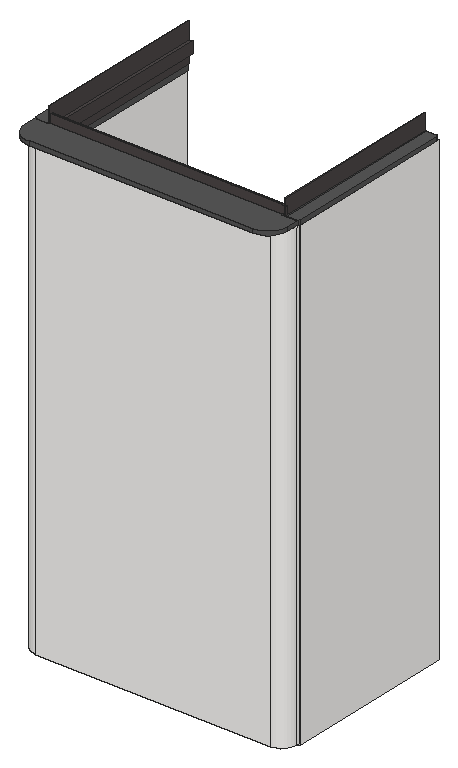
Revit family "vanity unit for handrinse basin, door hinge", category Furniture, Revit 2019 (continued)
Definition of nested family "vanity unit 340_245 for handrinse basin, door hinge left-54011700-high gloss white-matt_white-200_content"
  Forms (mm)
    Extrusion 5, solid, visible <- "ContentVisible", detail levels medium+fine
      sketch origin (0, 0, 600) x (1, 0, 0) y (0, 1, 0)
        loop
          line (-170, 0) -> (-170, -225) -> (-154, -225) -> (-154, 0) -> (-170, 0)
      from 0 to 5
    Extrusion 6, solid, visible <- "ContentVisible", detail levels medium+fine
      sketch origin (0, 0, 600) x (1, 0, 0) y (0, 1, 0)
        loop
          line (154, 0) -> (154, -225) -> (170, -225) -> (170, 0) -> (154, 0)
      from 0 to 5
    Extrusion 7, solid, visible <- "ContentVisible", detail levels medium+fine
      sketch origin (0, 0, 0) x (1, 0, 0) y (0, 0, -1)
        loop
          line (-152.5, -575.3) -> (-152.5, -624.5) -> (-146.4, -624.5) -> (-146.4, -575.3) -> (-152.5, -575.3)
      from -223.5 to 0
    Extrusion 8, solid, visible <- "ContentVisible", detail levels medium+fine
      sketch origin (0, 0, 0) x (1, 0, 0) y (0, 0, -1)
        loop
          line (146.4, -575.3) -> (146.4, -624.5) -> (152.5, -624.5) -> (152.5, -575.3) -> (146.4, -575.3)
      from -223.5 to 0
    Extrusion 9, solid, visible <- "ContentVisible", detail levels medium+fine
      sketch origin (0, 0, 0) x (0, 0, -1) y (0, 1, 0)
        loop
          line (-616, -223.5) -> (-567, -223.5) -> (-567, -217.4) -> (-616, -217.4) -> (-616, -223.5)
      from -152.5 to 152.5
    Extrusion 10, solid, visible <- "ContentVisible", detail levels coarse
      sketch origin (0, -133, 0) x (1, 0, 0) y (0, 1, 0)
        loop
          line (-170, -133) -> (170, -133) -> (170, 133) -> (-170, 133) -> (-170, -133)
      from 0 to 624.5
  Dimensions and locks
    aligned and locked: level to plane 2
Definition of nested family "vanity unit 340_245 for handrinse basin, door hinge left-54011700-high gloss white-matt_white-400_content"
  Parameters (values of type "Vanity unit 340_245 for handrinse basin, door hinge left-54011700-High Gloss White-MATT_WHITE-400_Content")
    etim7_EC011381 = "EC011381"
    WEIGHT = "9.9"
    UNSPSC = "56 | Furniture and Furnishings"
    UNIFORMATII = "E2010 | Fixed Furnishings"
    UNICLASS_2015_CODE = "40_30_78_05"
    UNICLASS2015 = "Pr_40_30_78_05 | Bathroom furniture"
    SURFACE = "MATT_WHITE"
    REGIONSET = "Worldwide"
    PRODUCTURL = "https://pro.hansgrohe.com/articledetail--54011000"
    PRODUCTGROUP = "vanity unit"
    PRODUCTFAMILY = "Xelu Q"
    PERMALINK = "54011XXX"
    OMNICLASS = "23-21 19 15 33 13 | Residential Bathroom Specialty Casework"
    OBJECTTYPE = "Object (single object)"
    OBERFLAECHE = "High Gloss White"
    NN = "Vanity Unit for handrinse basin, door hinge"
    NBSYN = "$BASENUMBER.-$ARTNR.-$OBERFLAECHE.-$SURFACE.-$LODLEVEL."
    NB = "Vanity unit 340/245 for handrinse basin, door hinge left-54011700-High Gloss White-MATT_WHITE-400"
    NAME = "Xelu Q Vanity unit High Gloss White 340/245 for handrinse basin, door hinge left"
    Model = "Vanity unit 340/245 for handrinse basin, door hinge left-54011700-High Gloss White-MATT_WHITE-400"
    Manufacturer = "Hansgrohe"
    MASTERFORMAT = "12 35 30.23 | Bathroom Casework"
    LODLEVEL = "400"
    LINA = "Vanity unit 340/245 for handrinse basin, door hinge left-54011700-High Gloss White-MATT_WHITE-400"
    L = 340
    IFC = "Furnishing element"
    GTINCODE = "4059625455135"
    ETIM = "EC011381 | Bathroom furniture set"
    Default Elevation = 1219.2 mm
    DESIGN = "Germany"
    ContentVisible [instance] = yes
    CATALOG = "Hansgrohe"
    BIMOBJECT = "Sanitary: Compound units"
    BASENUMBER = "Vanity unit 340/245 for handrinse basin, door hinge left"
    ARTNR = "54011700"
  Reference planes
    plane 1 "Center (Front/Back)": y = 0
    plane 2: z = 0
    plane 3 "Center (Left/Right)": x = 0
  Forms (mm)
    Extrusion 1, solid, visible <- "ContentVisible", detail levels medium+fine
      sketch origin (0, 0, 0) x (1, 0, 0) y (0, 1, 0)
        loop
          line (-170, 0) -> (-170, -222)
          arc (-170, -222) -> (-169.121, -224.121) -> (-167, -225) r 3
          line (-167, -225) -> (-154, -225) -> (-154, 0) -> (-170, 0)
      from 0 to 600
    Extrusion 2, solid, visible <- "ContentVisible", detail levels medium+fine
      sketch origin (0, 0, 2) x (1, 0, 0) y (0, 1, 0)
        loop
          line (-154, -88) -> (-154, -225) -> (154, -225) -> (154, -88) -> (-154, -88)
      from 0 to 16
    Extrusion 3, solid, visible <- "ContentVisible", detail levels medium+fine
      sketch origin (0, 0, 0) x (1, 0, 0) y (0, 1, 0)
        loop
          line (154, 0) -> (154, -225) -> (167, -225)
          arc (167, -225) -> (169.121, -224.121) -> (170, -222) r 3
          line (170, -222) -> (170, 0) -> (154, 0)
      from 0 to 600
    Extrusion 4, solid, visible <- "ContentVisible", detail levels medium+fine
      sketch origin (0, 0, 2) x (1, 0, 0) y (0, 1, 0)
        loop
          line (-154, -72) -> (-154, -88) -> (154, -88) -> (154, -72) -> (-154, -72)
      from 0 to 126
    Extrusion 5, solid, visible <- "ContentVisible", detail levels medium+fine
      sketch origin (0, 0, 2) x (1, 0, 0) y (0, 1, 0)
        loop
          arc (-170, -227) -> (-164.435, -240.435) -> (-151, -246) r 19
          line (-151, -246) -> (151, -246)
          arc (151, -246) -> (164.435, -240.435) -> (170, -227) r 19
          line (170, -227) -> (170, -225) -> (-170, -225) -> (-170, -227)
      from 0 to 598
    Extrusion 6, solid, visible <- "ContentVisible", detail levels medium+fine
      sketch origin (0, 0, 600) x (1, 0, 0) y (0, 1, 0)
        loop
          line (-168.5, -225) -> (-168.5, -241)
          arc (-168.5, -241) -> (-161.178, -258.678) -> (-143.5, -266) r 25
          line (-143.5, -266) -> (143.5, -266)
          arc (143.5, -266) -> (161.178, -258.678) -> (168.5, -241) r 25
          line (168.5, -241) -> (168.5, -225) -> (148.5, -225) -> (148.5, -223.5) -> (-148.5, -223.5) -> (-148.5, -225) -> (-168.5, -225)
      from 0 to 5
    Extrusion 7, solid, visible <- "ContentVisible", detail levels medium+fine
      sketch origin (0, 0, 0) x (0, 0, -1) y (0, 1, 0)
        loop
          line (-600, -223.5) -> (-600, -225) -> (-570, -225) -> (-570, -223.5) -> (-600, -223.5)
      from -148.5 to 148.5
    Extrusion 8, solid, visible <- "ContentVisible", detail levels medium+fine
      sketch origin (0, 0, 0) x (1, 0, 0) y (0, 0, -1)
        loop
          line (-154, -566.8) -> (-154, -605) -> (-152.5, -605) -> (-152.5, -566.8) -> (-154, -566.8)
      from -225 to 0
    Extrusion 9, solid, visible <- "ContentVisible", detail levels medium+fine
      sketch origin (0, 0, 0) x (1, 0, 0) y (0, 0, -1)
        loop
          line (152.5, -566.8) -> (152.5, -605) -> (154, -605) -> (154, -566.8) -> (152.5, -566.8)
      from -225 to 0
    Extrusion 10, solid, visible <- "ContentVisible", detail levels medium+fine
      sketch origin (0, 0, 600) x (1, 0, 0) y (0, 1, 0)
        loop
          line (-170, -3) -> (-170, -222)
          arc (-170, -222) -> (-169.121, -224.121) -> (-167, -225) r 3
          line (-167, -225) -> (-154, -225) -> (-154, 0) -> (-167, 0)
          arc (-167, 0) -> (-169.121, -0.879) -> (-170, -3) r 3
      from 0 to 5
    Extrusion 11, solid, visible <- "ContentVisible", detail levels medium+fine
      sketch origin (0, 0, 600) x (1, 0, 0) y (0, 1, 0)
        loop
          line (154, 0) -> (154, -225) -> (167, -225)
          arc (167, -225) -> (169.121, -224.121) -> (170, -222) r 3
          line (170, -222) -> (170, -3)
          arc (170, -3) -> (169.121, -0.879) -> (167, 0) r 3
          line (167, 0) -> (154, 0)
      from 0 to 5
    Extrusion 12, solid, visible <- "ContentVisible", detail levels medium+fine
      sketch origin (0, 0, 0) x (1, 0, 0) y (0, 0, -1)
        loop
          line (-152.5, -575.3) -> (-152.5, -624.5) -> (-151, -624.5) -> (-151, -602.8) -> (-146.4, -602.8) -> (-146.4, -588.3) -> (-151, -588.3) -> (-151, -575.3) -> (-152.5, -575.3)
      from -223.5 to 0
    Extrusion 13, solid, visible <- "ContentVisible", detail levels medium+fine
      sketch origin (0, 0, 0) x (1, 0, 0) y (0, 0, -1)
        loop
          line (146.4, -588.3) -> (146.4, -602.8) -> (151, -602.8) -> (151, -624.5) -> (152.5, -624.5) -> (152.5, -575.3) -> (151, -575.3) -> (151, -588.3) -> (146.4, -588.3)
      from -223.5 to 0
    Extrusion 14, solid, visible <- "ContentVisible", detail levels medium+fine
      sketch origin (0, 0, 0) x (0, 0, -1) y (0, 1, 0)
        loop
          line (-616, -223.5) -> (-567, -223.5) -> (-567, -222) -> (-588.5, -222) -> (-588.5, -217.4) -> (-603, -217.4) -> (-603, -222) -> (-616, -222) -> (-616, -223.5)
      from -152.5 to 152.5
    Extrusion 15, solid, visible <- "ContentVisible", detail levels coarse
      sketch origin (0, -133, 0) x (1, 0, 0) y (0, 1, 0)
        loop
          line (-170, -133) -> (170, -133) -> (170, 133) -> (-170, 133) -> (-170, -133)
      from 0 to 624.5
  Dimensions and locks
    aligned and locked: level to plane 2
Definition of nested family "vanity unit 340_245 for handrinse basin, door hinge left-54012000-diamond matt grey-chrome-200_content"
  Parameters (values of type "Vanity unit 340_245 for handrinse basin, door hinge left-54012000-Diamond Matt Grey-CHROME-200_Content")
    etim7_EC011381 = "EC011381"
    WEIGHT = "9.9"
    UNSPSC = "56 | Furniture and Furnishings"
    UNIFORMATII = "E2010 | Fixed Furnishings"
    UNICLASS_2015_CODE = "40_30_78_05"
    UNICLASS2015 = "Pr_40_30_78_05 | Bathroom furniture"
    SURFACE = "CHROME"
    REGIONSET = "Worldwide"
    PRODUCTURL = "https://pro.hansgrohe.com/articledetail--54012000"
    PRODUCTGROUP = "vanity unit"
    PRODUCTFAMILY = "Xelu Q"
    PERMALINK = "54012XXX"
    OMNICLASS = "23-21 19 15 33 13 | Residential Bathroom Specialty Casework"
    OBJECTTYPE = "Object (single object)"
    OBERFLAECHE = "Diamond Matt Grey"
    NN = "Vanity Unit for handrinse basin, door hinge"
    NBSYN = "$BASENUMBER.-$ARTNR.-$OBERFLAECHE.-$SURFACE.-$LODLEVEL."
    NB = "Vanity unit 340/245 for handrinse basin, door hinge left-54012000-Diamond Matt Grey-CHROME-200"
    NAME = "Xelu Q Vanity unit Diamond Matt Grey 340/245 for handrinse basin, door hinge left"
    Model = "Vanity unit 340/245 for handrinse basin, door hinge left-54012000-Diamond Matt Grey-CHROME-200"
    Manufacturer = "Hansgrohe"
    MASTERFORMAT = "12 35 30.23 | Bathroom Casework"
    LODLEVEL = "200"
    LINA = "Vanity unit 340/245 for handrinse basin, door hinge left-54012000-Diamond Matt Grey-CHROME-200"
    L = 340
    IFC = "Furnishing element"
    GTINCODE = "4059625455104"
    ETIM = "EC011381 | Bathroom furniture set"
    Default Elevation = 1219.2 mm
    DESIGN = "Germany"
    ContentVisible [instance] = yes
    CATALOG = "Hansgrohe"
    BIMOBJECT = "Sanitary: Compound units"
    BASENUMBER = "Vanity unit 340/245 for handrinse basin, door hinge left"
    ARTNR = "54012000"
  Reference planes
    plane 1 "Center (Front/Back)": y = 0
    plane 2: z = 0
    plane 3 "Center (Left/Right)": x = 0
  Forms (mm)
    Extrusion 1, solid, visible <- "ContentVisible", detail levels medium+fine
      sketch origin (0, 0, 0) x (1, 0, 0) y (0, 1, 0)
        loop
          line (-170, 0) -> (-170, -246) -> (170, -246) -> (170, 0) -> (154, 0) -> (154, -72) -> (-154, -72) -> (-154, 0) -> (-170, 0)
      from 0 to 600
    Extrusion 2, solid, visible <- "ContentVisible", detail levels medium+fine
      sketch origin (0, 0, 600) x (1, 0, 0) y (0, 1, 0)
        loop
          line (-168.5, -223.5) -> (-168.5, -266) -> (168.5, -266) -> (168.5, -223.5) -> (-168.5, -223.5)
      from 0 to 5
    Extrusion 3, solid, visible <- "ContentVisible", detail levels medium+fine
      sketch origin (0, 0, 0) x (1, 0, 0) y (0, 0, -1)
        loop
          line (-154, -566.8) -> (-154, -605) -> (-152.5, -605) -> (-152.5, -566.8) -> (-154, -566.8)
      from -225 to 0
    Extrusion 4, solid, visible <- "ContentVisible", detail levels medium+fine
      sketch origin (0, 0, 0) x (1, 0, 0) y (0, 0, -1)
        loop
          line (152.5, -566.8) -> (152.5, -605) -> (154, -605) -> (154, -566.8) -> (152.5, -566.8)
      from -225 to 0
    Extrusion 5, solid, visible <- "ContentVisible", detail levels medium+fine
      sketch origin (0, 0, 600) x (1, 0, 0) y (0, 1, 0)
        loop
          line (-170, 0) -> (-170, -225) -> (-154, -225) -> (-154, 0) -> (-170, 0)
      from 0 to 5
    Extrusion 6, solid, visible <- "ContentVisible", detail levels medium+fine
      sketch origin (0, 0, 600) x (1, 0, 0) y (0, 1, 0)
        loop
          line (154, 0) -> (154, -225) -> (170, -225) -> (170, 0) -> (154, 0)
      from 0 to 5
    Extrusion 7, solid, visible <- "ContentVisible", detail levels medium+fine
      sketch origin (0, 0, 0) x (1, 0, 0) y (0, 0, -1)
        loop
          line (-152.5, -575.3) -> (-152.5, -624.5) -> (-146.4, -624.5) -> (-146.4, -575.3) -> (-152.5, -575.3)
      from -223.5 to 0
    Extrusion 8, solid, visible <- "ContentVisible", detail levels medium+fine
      sketch origin (0, 0, 0) x (1, 0, 0) y (0, 0, -1)
        loop
          line (146.4, -575.3) -> (146.4, -624.5) -> (152.5, -624.5) -> (152.5, -575.3) -> (146.4, -575.3)
      from -223.5 to 0
    Extrusion 9, solid, visible <- "ContentVisible", detail levels medium+fine
      sketch origin (0, 0, 0) x (0, 0, -1) y (0, 1, 0)
        loop
          line (-616, -223.5) -> (-567, -223.5) -> (-567, -217.4) -> (-616, -217.4) -> (-616, -223.5)
      from -152.5 to 152.5
    Extrusion 10, solid, visible <- "ContentVisible", detail levels coarse
      sketch origin (0, -133, 0) x (1, 0, 0) y (0, 1, 0)
        loop
          line (-170, -133) -> (170, -133) -> (170, 133) -> (-170, 133) -> (-170, -133)
      from 0 to 624.5
  Dimensions and locks
    aligned and locked: level to plane 2
Definition of nested family "vanity unit 340_245 for handrinse basin, door hinge left-54012000-diamond matt grey-chrome-400_content"
  Parameters (values of type "Vanity unit 340_245 for handrinse basin, door hinge left-54012000-Diamond Matt Grey-CHROME-400_Content")
    etim7_EC011381 = "EC011381"
    WEIGHT = "9.9"
    UNSPSC = "56 | Furniture and Furnishings"
    UNIFORMATII = "E2010 | Fixed Furnishings"
    UNICLASS_2015_CODE = "40_30_78_05"
    UNICLASS2015 = "Pr_40_30_78_05 | Bathroom furniture"
    SURFACE = "CHROME"
    REGIONSET = "Worldwide"
    PRODUCTURL = "https://pro.hansgrohe.com/articledetail--54012000"
    PRODUCTGROUP = "vanity unit"
    PRODUCTFAMILY = "Xelu Q"
    PERMALINK = "54012XXX"
    OMNICLASS = "23-21 19 15 33 13 | Residential Bathroom Specialty Casework"
    OBJECTTYPE = "Object (single object)"
    OBERFLAECHE = "Diamond Matt Grey"
    NN = "Vanity Unit for handrinse basin, door hinge"
    NBSYN = "$BASENUMBER.-$ARTNR.-$OBERFLAECHE.-$SURFACE.-$LODLEVEL."
    NB = "Vanity unit 340/245 for handrinse basin, door hinge left-54012000-Diamond Matt Grey-CHROME-400"
    NAME = "Xelu Q Vanity unit Diamond Matt Grey 340/245 for handrinse basin, door hinge left"
    Model = "Vanity unit 340/245 for handrinse basin, door hinge left-54012000-Diamond Matt Grey-CHROME-400"
    Manufacturer = "Hansgrohe"
    MASTERFORMAT = "12 35 30.23 | Bathroom Casework"
    LODLEVEL = "400"
    LINA = "Vanity unit 340/245 for handrinse basin, door hinge left-54012000-Diamond Matt Grey-CHROME-400"
    L = 340
    IFC = "Furnishing element"
    GTINCODE = "4059625455104"
    ETIM = "EC011381 | Bathroom furniture set"
    Default Elevation = 1219.2 mm
    DESIGN = "Germany"
    ContentVisible [instance] = yes
    CATALOG = "Hansgrohe"
    BIMOBJECT = "Sanitary: Compound units"
    BASENUMBER = "Vanity unit 340/245 for handrinse basin, door hinge left"
    ARTNR = "54012000"
  Reference planes
    plane 1 "Center (Front/Back)": y = 0
    plane 2: z = 0
    plane 3 "Center (Left/Right)": x = 0
  Forms (mm)
    Extrusion 1, solid, visible <- "ContentVisible", detail levels medium+fine
      sketch origin (0, 0, 0) x (1, 0, 0) y (0, 1, 0)
        loop
          line (-170, 0) -> (-170, -222)
          arc (-170, -222) -> (-169.121, -224.121) -> (-167, -225) r 3
          line (-167, -225) -> (-154, -225) -> (-154, 0) -> (-170, 0)
      from 0 to 600
    Extrusion 2, solid, visible <- "ContentVisible", detail levels medium+fine
      sketch origin (0, 0, 2) x (1, 0, 0) y (0, 1, 0)
        loop
          line (-154, -88) -> (-154, -225) -> (154, -225) -> (154, -88) -> (-154, -88)
      from 0 to 16
    Extrusion 3, solid, visible <- "ContentVisible", detail levels medium+fine
      sketch origin (0, 0, 0) x (1, 0, 0) y (0, 1, 0)
        loop
          line (154, 0) -> (154, -225) -> (167, -225)
          arc (167, -225) -> (169.121, -224.121) -> (170, -222) r 3
          line (170, -222) -> (170, 0) -> (154, 0)
      from 0 to 600
    Extrusion 4, solid, visible <- "ContentVisible", detail levels medium+fine
      sketch origin (0, 0, 2) x (1, 0, 0) y (0, 1, 0)
        loop
          line (-154, -72) -> (-154, -88) -> (154, -88) -> (154, -72) -> (-154, -72)
      from 0 to 126
    Extrusion 5, solid, visible <- "ContentVisible", detail levels medium+fine
      sketch origin (0, 0, 2) x (1, 0, 0) y (0, 1, 0)
        loop
          arc (-170, -227) -> (-164.435, -240.435) -> (-151, -246) r 19
          line (-151, -246) -> (151, -246)
          arc (151, -246) -> (164.435, -240.435) -> (170, -227) r 19
          line (170, -227) -> (170, -225) -> (-170, -225) -> (-170, -227)
      from 0 to 598
    Extrusion 6, solid, visible <- "ContentVisible", detail levels medium+fine
      sketch origin (0, 0, 600) x (1, 0, 0) y (0, 1, 0)
        loop
          line (-168.5, -225) -> (-168.5, -241)
          arc (-168.5, -241) -> (-161.178, -258.678) -> (-143.5, -266) r 25
          line (-143.5, -266) -> (143.5, -266)
          arc (143.5, -266) -> (161.178, -258.678) -> (168.5, -241) r 25
          line (168.5, -241) -> (168.5, -225) -> (148.5, -225) -> (148.5, -223.5) -> (-148.5, -223.5) -> (-148.5, -225) -> (-168.5, -225)
      from 0 to 5
    Extrusion 7, solid, visible <- "ContentVisible", detail levels medium+fine
      sketch origin (0, 0, 0) x (0, 0, -1) y (0, 1, 0)
        loop
          line (-600, -223.5) -> (-600, -225) -> (-570, -225) -> (-570, -223.5) -> (-600, -223.5)
      from -148.5 to 148.5
    Extrusion 8, solid, visible <- "ContentVisible", detail levels medium+fine
      sketch origin (0, 0, 0) x (1, 0, 0) y (0, 0, -1)
        loop
          line (-154, -566.8) -> (-154, -605) -> (-152.5, -605) -> (-152.5, -566.8) -> (-154, -566.8)
      from -225 to 0
    Extrusion 9, solid, visible <- "ContentVisible", detail levels medium+fine
      sketch origin (0, 0, 0) x (1, 0, 0) y (0, 0, -1)
        loop
          line (152.5, -566.8) -> (152.5, -605) -> (154, -605) -> (154, -566.8) -> (152.5, -566.8)
      from -225 to 0
    Extrusion 10, solid, visible <- "ContentVisible", detail levels medium+fine
      sketch origin (0, 0, 600) x (1, 0, 0) y (0, 1, 0)
        loop
          line (-170, -3) -> (-170, -222)
          arc (-170, -222) -> (-169.121, -224.121) -> (-167, -225) r 3
          line (-167, -225) -> (-154, -225) -> (-154, 0) -> (-167, 0)
          arc (-167, 0) -> (-169.121, -0.879) -> (-170, -3) r 3
      from 0 to 5
    Extrusion 11, solid, visible <- "ContentVisible", detail levels medium+fine
      sketch origin (0, 0, 600) x (1, 0, 0) y (0, 1, 0)
        loop
          line (154, 0) -> (154, -225) -> (167, -225)
          arc (167, -225) -> (169.121, -224.121) -> (170, -222) r 3
          line (170, -222) -> (170, -3)
          arc (170, -3) -> (169.121, -0.879) -> (167, 0) r 3
          line (167, 0) -> (154, 0)
      from 0 to 5
    Extrusion 12, solid, visible <- "ContentVisible", detail levels medium+fine
      sketch origin (0, 0, 0) x (1, 0, 0) y (0, 0, -1)
        loop
          line (-152.5, -575.3) -> (-152.5, -624.5) -> (-151, -624.5) -> (-151, -602.8) -> (-146.4, -602.8) -> (-146.4, -588.3) -> (-151, -588.3) -> (-151, -575.3) -> (-152.5, -575.3)
      from -223.5 to 0
    Extrusion 13, solid, visible <- "ContentVisible", detail levels medium+fine
      sketch origin (0, 0, 0) x (1, 0, 0) y (0, 0, -1)
        loop
          line (146.4, -588.3) -> (146.4, -602.8) -> (151, -602.8) -> (151, -624.5) -> (152.5, -624.5) -> (152.5, -575.3) -> (151, -575.3) -> (151, -588.3) -> (146.4, -588.3)
      from -223.5 to 0
    Extrusion 14, solid, visible <- "ContentVisible", detail levels medium+fine
      sketch origin (0, 0, 0) x (0, 0, -1) y (0, 1, 0)
        loop
          line (-616, -223.5) -> (-567, -223.5) -> (-567, -222) -> (-588.5, -222) -> (-588.5, -217.4) -> (-603, -217.4) -> (-603, -222) -> (-616, -222) -> (-616, -223.5)
      from -152.5 to 152.5
    Extrusion 15, solid, visible <- "ContentVisible", detail levels coarse
      sketch origin (0, -133, 0) x (1, 0, 0) y (0, 1, 0)
        loop
          line (-170, -133) -> (170, -133) -> (170, 133) -> (-170, 133) -> (-170, -133)
      from 0 to 624.5
  Dimensions and locks
    aligned and locked: level to plane 2
Definition of nested family "vanity unit 340_245 for handrinse basin, door hinge left-54012670-diamond matt grey-matt_black-200_content"
  Parameters (values of type "Vanity unit 340_245 for handrinse basin, door hinge left-54012670-Diamond Matt Grey-MATT_BLACK-200_Content")
    etim7_EC011381 = "EC011381"
    WEIGHT = "9.9"
    UNSPSC = "56 | Furniture and Furnishings"
    UNIFORMATII = "E2010 | Fixed Furnishings"
    UNICLASS_2015_CODE = "40_30_78_05"
    UNICLASS2015 = "Pr_40_30_78_05 | Bathroom furniture"
    SURFACE = "MATT_BLACK"
    REGIONSET = "Worldwide"
    PRODUCTURL = "https://pro.hansgrohe.com/articledetail--54012000"
    PRODUCTGROUP = "vanity unit"
    PRODUCTFAMILY = "Xelu Q"
    PERMALINK = "54012XXX"
    OMNICLASS = "23-21 19 15 33 13 | Residential Bathroom Specialty Casework"
    OBJECTTYPE = "Object (single object)"
    OBERFLAECHE = "Diamond Matt Grey"
    NN = "Vanity Unit for handrinse basin, door hinge"
    NBSYN = "$BASENUMBER.-$ARTNR.-$OBERFLAECHE.-$SURFACE.-$LODLEVEL."
    NB = "Vanity unit 340/245 for handrinse basin, door hinge left-54012670-Diamond Matt Grey-MATT_BLACK-200"
    NAME = "Xelu Q Vanity unit Diamond Matt Grey 340/245 for handrinse basin, door hinge left"
    Model = "Vanity unit 340/245 for handrinse basin, door hinge left-54012670-Diamond Matt Grey-MATT_BLACK-200"
    Manufacturer = "Hansgrohe"
    MASTERFORMAT = "12 35 30.23 | Bathroom Casework"
    LODLEVEL = "200"
    LINA = "Vanity unit 340/245 for handrinse basin, door hinge left-54012670-Diamond Matt Grey-MATT_BLACK-200"
    L = 340
    IFC = "Furnishing element"
    GTINCODE = "4059625455104"
    ETIM = "EC011381 | Bathroom furniture set"
    Default Elevation = 1219.2 mm
    DESIGN = "Germany"
    ContentVisible [instance] = yes
    CATALOG = "Hansgrohe"
    BIMOBJECT = "Sanitary: Compound units"
    BASENUMBER = "Vanity unit 340/245 for handrinse basin, door hinge left"
    ARTNR = "54012670"
  Reference planes
    plane 1 "Center (Front/Back)": y = 0
    plane 2: z = 0
    plane 3 "Center (Left/Right)": x = 0
  Forms (mm)
    Extrusion 1, solid, visible <- "ContentVisible", detail levels medium+fine
      sketch origin (0, 0, 0) x (1, 0, 0) y (0, 1, 0)
        loop
          line (-170, 0) -> (-170, -246) -> (170, -246) -> (170, 0) -> (154, 0) -> (154, -72) -> (-154, -72) -> (-154, 0) -> (-170, 0)
      from 0 to 600
    Extrusion 2, solid, visible <- "ContentVisible", detail levels medium+fine
      sketch origin (0, 0, 600) x (1, 0, 0) y (0, 1, 0)
        loop
          line (-168.5, -223.5) -> (-168.5, -266) -> (168.5, -266) -> (168.5, -223.5) -> (-168.5, -223.5)
      from 0 to 5
    Extrusion 3, solid, visible <- "ContentVisible", detail levels medium+fine
      sketch origin (0, 0, 0) x (1, 0, 0) y (0, 0, -1)
        loop
          line (-154, -566.8) -> (-154, -605) -> (-152.5, -605) -> (-152.5, -566.8) -> (-154, -566.8)
      from -225 to 0
    Extrusion 4, solid, visible <- "ContentVisible", detail levels medium+fine
      sketch origin (0, 0, 0) x (1, 0, 0) y (0, 0, -1)
        loop
          line (152.5, -566.8) -> (152.5, -605) -> (154, -605) -> (154, -566.8) -> (152.5, -566.8)
      from -225 to 0
    Extrusion 5, solid, visible <- "ContentVisible", detail levels medium+fine
      sketch origin (0, 0, 600) x (1, 0, 0) y (0, 1, 0)
        loop
          line (-170, 0) -> (-170, -225) -> (-154, -225) -> (-154, 0) -> (-170, 0)
      from 0 to 5
    Extrusion 6, solid, visible <- "ContentVisible", detail levels medium+fine
      sketch origin (0, 0, 600) x (1, 0, 0) y (0, 1, 0)
        loop
          line (154, 0) -> (154, -225) -> (170, -225) -> (170, 0) -> (154, 0)
      from 0 to 5
    Extrusion 7, solid, visible <- "ContentVisible", detail levels medium+fine
      sketch origin (0, 0, 0) x (1, 0, 0) y (0, 0, -1)
        loop
          line (-152.5, -575.3) -> (-152.5, -624.5) -> (-146.4, -624.5) -> (-146.4, -575.3) -> (-152.5, -575.3)
      from -223.5 to 0
    Extrusion 8, solid, visible <- "ContentVisible", detail levels medium+fine
      sketch origin (0, 0, 0) x (1, 0, 0) y (0, 0, -1)
        loop
          line (146.4, -575.3) -> (146.4, -624.5) -> (152.5, -624.5) -> (152.5, -575.3) -> (146.4, -575.3)
      from -223.5 to 0
    Extrusion 9, solid, visible <- "ContentVisible", detail levels medium+fine
      sketch origin (0, 0, 0) x (0, 0, -1) y (0, 1, 0)
        loop
          line (-616, -223.5) -> (-567, -223.5) -> (-567, -217.4) -> (-616, -217.4) -> (-616, -223.5)
      from -152.5 to 152.5
    Extrusion 10, solid, visible <- "ContentVisible", detail levels coarse
      sketch origin (0, -133, 0) x (1, 0, 0) y (0, 1, 0)
        loop
          line (-170, -133) -> (170, -133) -> (170, 133) -> (-170, 133) -> (-170, -133)
      from 0 to 624.5
  Dimensions and locks
    aligned and locked: level to plane 2
Definition of nested family "vanity unit 340_245 for handrinse basin, door hinge left-54012670-diamond matt grey-matt_black-400_content"
  Parameters (values of type "Vanity unit 340_245 for handrinse basin, door hinge left-54012670-Diamond Matt Grey-MATT_BLACK-400_Content")
    etim7_EC011381 = "EC011381"
    WEIGHT = "9.9"
    UNSPSC = "56 | Furniture and Furnishings"
    UNIFORMATII = "E2010 | Fixed Furnishings"
    UNICLASS_2015_CODE = "40_30_78_05"
    UNICLASS2015 = "Pr_40_30_78_05 | Bathroom furniture"
    SURFACE = "MATT_BLACK"
    REGIONSET = "Worldwide"
    PRODUCTURL = "https://pro.hansgrohe.com/articledetail--54012000"
    PRODUCTGROUP = "vanity unit"
    PRODUCTFAMILY = "Xelu Q"
    PERMALINK = "54012XXX"
    OMNICLASS = "23-21 19 15 33 13 | Residential Bathroom Specialty Casework"
    OBJECTTYPE = "Object (single object)"
    OBERFLAECHE = "Diamond Matt Grey"
    NN = "Vanity Unit for handrinse basin, door hinge"
    NBSYN = "$BASENUMBER.-$ARTNR.-$OBERFLAECHE.-$SURFACE.-$LODLEVEL."
    NB = "Vanity unit 340/245 for handrinse basin, door hinge left-54012670-Diamond Matt Grey-MATT_BLACK-400"
    NAME = "Xelu Q Vanity unit Diamond Matt Grey 340/245 for handrinse basin, door hinge left"
    Model = "Vanity unit 340/245 for handrinse basin, door hinge left-54012670-Diamond Matt Grey-MATT_BLACK-400"
    Manufacturer = "Hansgrohe"
    MASTERFORMAT = "12 35 30.23 | Bathroom Casework"
    LODLEVEL = "400"
    LINA = "Vanity unit 340/245 for handrinse basin, door hinge left-54012670-Diamond Matt Grey-MATT_BLACK-400"
    L = 340
    IFC = "Furnishing element"
    GTINCODE = "4059625455104"
    ETIM = "EC011381 | Bathroom furniture set"
    Default Elevation = 1219.2 mm
    DESIGN = "Germany"
    ContentVisible [instance] = yes
    CATALOG = "Hansgrohe"
    BIMOBJECT = "Sanitary: Compound units"
    BASENUMBER = "Vanity unit 340/245 for handrinse basin, door hinge left"
    ARTNR = "54012670"
  Reference planes
    plane 1 "Center (Front/Back)": y = 0
    plane 2: z = 0
    plane 3 "Center (Left/Right)": x = 0
  Forms (mm)
    Extrusion 1, solid, visible <- "ContentVisible", detail levels medium+fine
      sketch origin (0, 0, 0) x (1, 0, 0) y (0, 1, 0)
        loop
          line (-170, 0) -> (-170, -222)
          arc (-170, -222) -> (-169.121, -224.121) -> (-167, -225) r 3
          line (-167, -225) -> (-154, -225) -> (-154, 0) -> (-170, 0)
      from 0 to 600
    Extrusion 2, solid, visible <- "ContentVisible", detail levels medium+fine
      sketch origin (0, 0, 2) x (1, 0, 0) y (0, 1, 0)
        loop
          line (-154, -88) -> (-154, -225) -> (154, -225) -> (154, -88) -> (-154, -88)
      from 0 to 16
    Extrusion 3, solid, visible <- "ContentVisible", detail levels medium+fine
      sketch origin (0, 0, 0) x (1, 0, 0) y (0, 1, 0)
        loop
          line (154, 0) -> (154, -225) -> (167, -225)
          arc (167, -225) -> (169.121, -224.121) -> (170, -222) r 3
          line (170, -222) -> (170, 0) -> (154, 0)
      from 0 to 600
    Extrusion 4, solid, visible <- "ContentVisible", detail levels medium+fine
      sketch origin (0, 0, 2) x (1, 0, 0) y (0, 1, 0)
        loop
          line (-154, -72) -> (-154, -88) -> (154, -88) -> (154, -72) -> (-154, -72)
      from 0 to 126
    Extrusion 5, solid, visible <- "ContentVisible", detail levels medium+fine
      sketch origin (0, 0, 2) x (1, 0, 0) y (0, 1, 0)
        loop
          arc (-170, -227) -> (-164.435, -240.435) -> (-151, -246) r 19
          line (-151, -246) -> (151, -246)
          arc (151, -246) -> (164.435, -240.435) -> (170, -227) r 19
          line (170, -227) -> (170, -225) -> (-170, -225) -> (-170, -227)
      from 0 to 598
    Extrusion 6, solid, visible <- "ContentVisible", detail levels medium+fine
      sketch origin (0, 0, 600) x (1, 0, 0) y (0, 1, 0)
        loop
          line (-168.5, -225) -> (-168.5, -241)
          arc (-168.5, -241) -> (-161.178, -258.678) -> (-143.5, -266) r 25
          line (-143.5, -266) -> (143.5, -266)
          arc (143.5, -266) -> (161.178, -258.678) -> (168.5, -241) r 25
          line (168.5, -241) -> (168.5, -225) -> (148.5, -225) -> (148.5, -223.5) -> (-148.5, -223.5) -> (-148.5, -225) -> (-168.5, -225)
      from 0 to 5
    Extrusion 7, solid, visible <- "ContentVisible", detail levels medium+fine
      sketch origin (0, 0, 0) x (0, 0, -1) y (0, 1, 0)
        loop
          line (-600, -223.5) -> (-600, -225) -> (-570, -225) -> (-570, -223.5) -> (-600, -223.5)
      from -148.5 to 148.5
    Extrusion 8, solid, visible <- "ContentVisible", detail levels medium+fine
      sketch origin (0, 0, 0) x (1, 0, 0) y (0, 0, -1)
        loop
          line (-154, -566.8) -> (-154, -605) -> (-152.5, -605) -> (-152.5, -566.8) -> (-154, -566.8)
      from -225 to 0
    Extrusion 9, solid, visible <- "ContentVisible", detail levels medium+fine
      sketch origin (0, 0, 0) x (1, 0, 0) y (0, 0, -1)
        loop
          line (152.5, -566.8) -> (152.5, -605) -> (154, -605) -> (154, -566.8) -> (152.5, -566.8)
      from -225 to 0
    Extrusion 10, solid, visible <- "ContentVisible", detail levels medium+fine
      sketch origin (0, 0, 600) x (1, 0, 0) y (0, 1, 0)
        loop
          line (-170, -3) -> (-170, -222)
          arc (-170, -222) -> (-169.121, -224.121) -> (-167, -225) r 3
          line (-167, -225) -> (-154, -225) -> (-154, 0) -> (-167, 0)
          arc (-167, 0) -> (-169.121, -0.879) -> (-170, -3) r 3
      from 0 to 5
    Extrusion 11, solid, visible <- "ContentVisible", detail levels medium+fine
      sketch origin (0, 0, 600) x (1, 0, 0) y (0, 1, 0)
        loop
          line (154, 0) -> (154, -225) -> (167, -225)
          arc (167, -225) -> (169.121, -224.121) -> (170, -222) r 3
          line (170, -222) -> (170, -3)
          arc (170, -3) -> (169.121, -0.879) -> (167, 0) r 3
          line (167, 0) -> (154, 0)
      from 0 to 5
    Extrusion 12, solid, visible <- "ContentVisible", detail levels medium+fine
      sketch origin (0, 0, 0) x (1, 0, 0) y (0, 0, -1)
        loop
          line (-152.5, -575.3) -> (-152.5, -624.5) -> (-151, -624.5) -> (-151, -602.8) -> (-146.4, -602.8) -> (-146.4, -588.3) -> (-151, -588.3) -> (-151, -575.3) -> (-152.5, -575.3)
      from -223.5 to 0
    Extrusion 13, solid, visible <- "ContentVisible", detail levels medium+fine
      sketch origin (0, 0, 0) x (1, 0, 0) y (0, 0, -1)
        loop
          line (146.4, -588.3) -> (146.4, -602.8) -> (151, -602.8) -> (151, -624.5) -> (152.5, -624.5) -> (152.5, -575.3) -> (151, -575.3) -> (151, -588.3) -> (146.4, -588.3)
      from -223.5 to 0
    Extrusion 14, solid, visible <- "ContentVisible", detail levels medium+fine
      sketch origin (0, 0, 0) x (0, 0, -1) y (0, 1, 0)
        loop
          line (-616, -223.5) -> (-567, -223.5) -> (-567, -222) -> (-588.5, -222) -> (-588.5, -217.4) -> (-603, -217.4) -> (-603, -222) -> (-616, -222) -> (-616, -223.5)
      from -152.5 to 152.5
    Extrusion 15, solid, visible <- "ContentVisible", detail levels coarse
      sketch origin (0, -133, 0) x (1, 0, 0) y (0, 1, 0)
        loop
          line (-170, -133) -> (170, -133) -> (170, 133) -> (-170, 133) -> (-170, -133)
      from 0 to 624.5
  Dimensions and locks
    aligned and locked: level to plane 2
Definition of nested family "vanity unit 340_245 for handrinse basin, door hinge left-54012700-diamond matt grey-matt_white-200_content"
  Parameters (values of type "Vanity unit 340_245 for handrinse basin, door hinge left-54012700-Diamond Matt Grey-MATT_WHITE-200_Content")
    etim7_EC011381 = "EC011381"
    WEIGHT = "9.9"
    UNSPSC = "56 | Furniture and Furnishings"
    UNIFORMATII = "E2010 | Fixed Furnishings"
    UNICLASS_2015_CODE = "40_30_78_05"
    UNICLASS2015 = "Pr_40_30_78_05 | Bathroom furniture"
    SURFACE = "MATT_WHITE"
    REGIONSET = "Worldwide"
    PRODUCTURL = "https://pro.hansgrohe.com/articledetail--54012000"
    PRODUCTGROUP = "vanity unit"
    PRODUCTFAMILY = "Xelu Q"
    PERMALINK = "54012XXX"
    OMNICLASS = "23-21 19 15 33 13 | Residential Bathroom Specialty Casework"
    OBJECTTYPE = "Object (single object)"
    OBERFLAECHE = "Diamond Matt Grey"
    NN = "Vanity Unit for handrinse basin, door hinge"
    NBSYN = "$BASENUMBER.-$ARTNR.-$OBERFLAECHE.-$SURFACE.-$LODLEVEL."
    NB = "Vanity unit 340/245 for handrinse basin, door hinge left-54012700-Diamond Matt Grey-MATT_WHITE-200"
    NAME = "Xelu Q Vanity unit Diamond Matt Grey 340/245 for handrinse basin, door hinge left"
    Model = "Vanity unit 340/245 for handrinse basin, door hinge left-54012700-Diamond Matt Grey-MATT_WHITE-200"
    Manufacturer = "Hansgrohe"
    MASTERFORMAT = "12 35 30.23 | Bathroom Casework"
    LODLEVEL = "200"
    LINA = "Vanity unit 340/245 for handrinse basin, door hinge left-54012700-Diamond Matt Grey-MATT_WHITE-200"
    L = 340
    IFC = "Furnishing element"
    GTINCODE = "4059625455104"
    ETIM = "EC011381 | Bathroom furniture set"
    Default Elevation = 1219.2 mm
    DESIGN = "Germany"
    ContentVisible [instance] = yes
    CATALOG = "Hansgrohe"
    BIMOBJECT = "Sanitary: Compound units"
    BASENUMBER = "Vanity unit 340/245 for handrinse basin, door hinge left"
    ARTNR = "54012700"
  Reference planes
    plane 1 "Center (Front/Back)": y = 0
    plane 2: z = 0
    plane 3 "Center (Left/Right)": x = 0
  Forms (mm)
    Extrusion 1, solid, visible <- "ContentVisible", detail levels medium+fine
      sketch origin (0, 0, 0) x (1, 0, 0) y (0, 1, 0)
        loop
          line (-170, 0) -> (-170, -246) -> (170, -246) -> (170, 0) -> (154, 0) -> (154, -72) -> (-154, -72) -> (-154, 0) -> (-170, 0)
      from 0 to 600
    Extrusion 2, solid, visible <- "ContentVisible", detail levels medium+fine
      sketch origin (0, 0, 600) x (1, 0, 0) y (0, 1, 0)
        loop
          line (-168.5, -223.5) -> (-168.5, -266) -> (168.5, -266) -> (168.5, -223.5) -> (-168.5, -223.5)
      from 0 to 5
    Extrusion 3, solid, visible <- "ContentVisible", detail levels medium+fine
      sketch origin (0, 0, 0) x (1, 0, 0) y (0, 0, -1)
        loop
          line (-154, -566.8) -> (-154, -605) -> (-152.5, -605) -> (-152.5, -566.8) -> (-154, -566.8)
      from -225 to 0
    Extrusion 4, solid, visible <- "ContentVisible", detail levels medium+fine
      sketch origin (0, 0, 0) x (1, 0, 0) y (0, 0, -1)
        loop
          line (152.5, -566.8) -> (152.5, -605) -> (154, -605) -> (154, -566.8) -> (152.5, -566.8)
      from -225 to 0
    Extrusion 5, solid, visible <- "ContentVisible", detail levels medium+fine
      sketch origin (0, 0, 600) x (1, 0, 0) y (0, 1, 0)
        loop
          line (-170, 0) -> (-170, -225) -> (-154, -225) -> (-154, 0) -> (-170, 0)
      from 0 to 5
    Extrusion 6, solid, visible <- "ContentVisible", detail levels medium+fine
      sketch origin (0, 0, 600) x (1, 0, 0) y (0, 1, 0)
        loop
          line (154, 0) -> (154, -225) -> (170, -225) -> (170, 0) -> (154, 0)
      from 0 to 5
    Extrusion 7, solid, visible <- "ContentVisible", detail levels medium+fine
      sketch origin (0, 0, 0) x (1, 0, 0) y (0, 0, -1)
        loop
          line (-152.5, -575.3) -> (-152.5, -624.5) -> (-146.4, -624.5) -> (-146.4, -575.3) -> (-152.5, -575.3)
      from -223.5 to 0
    Extrusion 8, solid, visible <- "ContentVisible", detail levels medium+fine
      sketch origin (0, 0, 0) x (1, 0, 0) y (0, 0, -1)
        loop
          line (146.4, -575.3) -> (146.4, -624.5) -> (152.5, -624.5) -> (152.5, -575.3) -> (146.4, -575.3)
      from -223.5 to 0
    Extrusion 9, solid, visible <- "ContentVisible", detail levels medium+fine
      sketch origin (0, 0, 0) x (0, 0, -1) y (0, 1, 0)
        loop
          line (-616, -223.5) -> (-567, -223.5) -> (-567, -217.4) -> (-616, -217.4) -> (-616, -223.5)
      from -152.5 to 152.5
    Extrusion 10, solid, visible <- "ContentVisible", detail levels coarse
      sketch origin (0, -133, 0) x (1, 0, 0) y (0, 1, 0)
        loop
          line (-170, -133) -> (170, -133) -> (170, 133) -> (-170, 133) -> (-170, -133)
      from 0 to 624.5
  Dimensions and locks
    aligned and locked: level to plane 2
Definition of nested family "vanity unit 340_245 for handrinse basin, door hinge left-54012700-diamond matt grey-matt_white-400_content"
  Parameters (values of type "Vanity unit 340_245 for handrinse basin, door hinge left-54012700-Diamond Matt Grey-MATT_WHITE-400_Content")
    etim7_EC011381 = "EC011381"
    WEIGHT = "9.9"
    UNSPSC = "56 | Furniture and Furnishings"
    UNIFORMATII = "E2010 | Fixed Furnishings"
    UNICLASS_2015_CODE = "40_30_78_05"
    UNICLASS2015 = "Pr_40_30_78_05 | Bathroom furniture"
    SURFACE = "MATT_WHITE"
    REGIONSET = "Worldwide"
    PRODUCTURL = "https://pro.hansgrohe.com/articledetail--54012000"
    PRODUCTGROUP = "vanity unit"
    PRODUCTFAMILY = "Xelu Q"
    PERMALINK = "54012XXX"
    OMNICLASS = "23-21 19 15 33 13 | Residential Bathroom Specialty Casework"
    OBJECTTYPE = "Object (single object)"
    OBERFLAECHE = "Diamond Matt Grey"
    NN = "Vanity Unit for handrinse basin, door hinge"
    NBSYN = "$BASENUMBER.-$ARTNR.-$OBERFLAECHE.-$SURFACE.-$LODLEVEL."
    NB = "Vanity unit 340/245 for handrinse basin, door hinge left-54012700-Diamond Matt Grey-MATT_WHITE-400"
    NAME = "Xelu Q Vanity unit Diamond Matt Grey 340/245 for handrinse basin, door hinge left"
    Model = "Vanity unit 340/245 for handrinse basin, door hinge left-54012700-Diamond Matt Grey-MATT_WHITE-400"
    Manufacturer = "Hansgrohe"
    MASTERFORMAT = "12 35 30.23 | Bathroom Casework"
    LODLEVEL = "400"
    LINA = "Vanity unit 340/245 for handrinse basin, door hinge left-54012700-Diamond Matt Grey-MATT_WHITE-400"
    L = 340
    IFC = "Furnishing element"
    GTINCODE = "4059625455104"
    ETIM = "EC011381 | Bathroom furniture set"
    Default Elevation = 1219.2 mm
    DESIGN = "Germany"
    ContentVisible [instance] = yes
    CATALOG = "Hansgrohe"
    BIMOBJECT = "Sanitary: Compound units"
    BASENUMBER = "Vanity unit 340/245 for handrinse basin, door hinge left"
    ARTNR = "54012700"
  Reference planes
    plane 1 "Center (Front/Back)": y = 0
    plane 2: z = 0
    plane 3 "Center (Left/Right)": x = 0
  Forms (mm)
    Extrusion 1, solid, visible <- "ContentVisible", detail levels medium+fine
      sketch origin (0, 0, 0) x (1, 0, 0) y (0, 1, 0)
        loop
          line (-170, 0) -> (-170, -222)
          arc (-170, -222) -> (-169.121, -224.121) -> (-167, -225) r 3
          line (-167, -225) -> (-154, -225) -> (-154, 0) -> (-170, 0)
      from 0 to 600
    Extrusion 2, solid, visible <- "ContentVisible", detail levels medium+fine
      sketch origin (0, 0, 2) x (1, 0, 0) y (0, 1, 0)
        loop
          line (-154, -88) -> (-154, -225) -> (154, -225) -> (154, -88) -> (-154, -88)
      from 0 to 16
    Extrusion 3, solid, visible <- "ContentVisible", detail levels medium+fine
      sketch origin (0, 0, 0) x (1, 0, 0) y (0, 1, 0)
        loop
          line (154, 0) -> (154, -225) -> (167, -225)
          arc (167, -225) -> (169.121, -224.121) -> (170, -222) r 3
          line (170, -222) -> (170, 0) -> (154, 0)
      from 0 to 600
    Extrusion 4, solid, visible <- "ContentVisible", detail levels medium+fine
      sketch origin (0, 0, 2) x (1, 0, 0) y (0, 1, 0)
        loop
          line (-154, -72) -> (-154, -88) -> (154, -88) -> (154, -72) -> (-154, -72)
      from 0 to 126
    Extrusion 5, solid, visible <- "ContentVisible", detail levels medium+fine
      sketch origin (0, 0, 2) x (1, 0, 0) y (0, 1, 0)
        loop
          arc (-170, -227) -> (-164.435, -240.435) -> (-151, -246) r 19
          line (-151, -246) -> (151, -246)
          arc (151, -246) -> (164.435, -240.435) -> (170, -227) r 19
          line (170, -227) -> (170, -225) -> (-170, -225) -> (-170, -227)
      from 0 to 598
    Extrusion 6, solid, visible <- "ContentVisible", detail levels medium+fine
      sketch origin (0, 0, 600) x (1, 0, 0) y (0, 1, 0)
        loop
          line (-168.5, -225) -> (-168.5, -241)
          arc (-168.5, -241) -> (-161.178, -258.678) -> (-143.5, -266) r 25
          line (-143.5, -266) -> (143.5, -266)
          arc (143.5, -266) -> (161.178, -258.678) -> (168.5, -241) r 25
          line (168.5, -241) -> (168.5, -225) -> (148.5, -225) -> (148.5, -223.5) -> (-148.5, -223.5) -> (-148.5, -225) -> (-168.5, -225)
      from 0 to 5
    Extrusion 7, solid, visible <- "ContentVisible", detail levels medium+fine
      sketch origin (0, 0, 0) x (0, 0, -1) y (0, 1, 0)
        loop
          line (-600, -223.5) -> (-600, -225) -> (-570, -225) -> (-570, -223.5) -> (-600, -223.5)
      from -148.5 to 148.5
    Extrusion 8, solid, visible <- "ContentVisible", detail levels medium+fine
      sketch origin (0, 0, 0) x (1, 0, 0) y (0, 0, -1)
        loop
          line (-154, -566.8) -> (-154, -605) -> (-152.5, -605) -> (-152.5, -566.8) -> (-154, -566.8)
      from -225 to 0
    Extrusion 9, solid, visible <- "ContentVisible", detail levels medium+fine
      sketch origin (0, 0, 0) x (1, 0, 0) y (0, 0, -1)
        loop
          line (152.5, -566.8) -> (152.5, -605) -> (154, -605) -> (154, -566.8) -> (152.5, -566.8)
      from -225 to 0
    Extrusion 10, solid, visible <- "ContentVisible", detail levels medium+fine
      sketch origin (0, 0, 600) x (1, 0, 0) y (0, 1, 0)
        loop
          line (-170, -3) -> (-170, -222)
          arc (-170, -222) -> (-169.121, -224.121) -> (-167, -225) r 3
          line (-167, -225) -> (-154, -225) -> (-154, 0) -> (-167, 0)
          arc (-167, 0) -> (-169.121, -0.879) -> (-170, -3) r 3
      from 0 to 5
    Extrusion 11, solid, visible <- "ContentVisible", detail levels medium+fine
      sketch origin (0, 0, 600) x (1, 0, 0) y (0, 1, 0)
        loop
          line (154, 0) -> (154, -225) -> (167, -225)
          arc (167, -225) -> (169.121, -224.121) -> (170, -222) r 3
          line (170, -222) -> (170, -3)
          arc (170, -3) -> (169.121, -0.879) -> (167, 0) r 3
          line (167, 0) -> (154, 0)
      from 0 to 5
    Extrusion 12, solid, visible <- "ContentVisible", detail levels medium+fine
      sketch origin (0, 0, 0) x (1, 0, 0) y (0, 0, -1)
        loop
          line (-152.5, -575.3) -> (-152.5, -624.5) -> (-151, -624.5) -> (-151, -602.8) -> (-146.4, -602.8) -> (-146.4, -588.3) -> (-151, -588.3) -> (-151, -575.3) -> (-152.5, -575.3)
      from -223.5 to 0
    Extrusion 13, solid, visible <- "ContentVisible", detail levels medium+fine
      sketch origin (0, 0, 0) x (1, 0, 0) y (0, 0, -1)
        loop
          line (146.4, -588.3) -> (146.4, -602.8) -> (151, -602.8) -> (151, -624.5) -> (152.5, -624.5) -> (152.5, -575.3) -> (151, -575.3) -> (151, -588.3) -> (146.4, -588.3)
      from -223.5 to 0
    Extrusion 14, solid, visible <- "ContentVisible", detail levels medium+fine
      sketch origin (0, 0, 0) x (0, 0, -1) y (0, 1, 0)
        loop
          line (-616, -223.5) -> (-567, -223.5) -> (-567, -222) -> (-588.5, -222) -> (-588.5, -217.4) -> (-603, -217.4) -> (-603, -222) -> (-616, -222) -> (-616, -223.5)
      from -152.5 to 152.5
    Extrusion 15, solid, visible <- "ContentVisible", detail levels coarse
      sketch origin (0, -133, 0) x (1, 0, 0) y (0, 1, 0)
        loop
          line (-170, -133) -> (170, -133) -> (170, 133) -> (-170, 133) -> (-170, -133)
      from 0 to 624.5
  Dimensions and locks
    aligned and locked: level to plane 2
Definition of nested family "vanity unit 340_245 for handrinse basin, door hinge left-54013000-natural oak-chrome-200_content"
  Parameters (values of type "Vanity unit 340_245 for handrinse basin, door hinge left-54013000-Natural Oak-CHROME-200_Content")
    etim7_EC011381 = "EC011381"
    WEIGHT = "9.9"
    UNSPSC = "56 | Furniture and Furnishings"
    UNIFORMATII = "E2010 | Fixed Furnishings"
    UNICLASS_2015_CODE = "40_30_78_05"
    UNICLASS2015 = "Pr_40_30_78_05 | Bathroom furniture"
    SURFACE = "CHROME"
    REGIONSET = "Worldwide"
    PRODUCTURL = "https://pro.hansgrohe.com/articledetail--54013000"
    PRODUCTGROUP = "vanity unit"
    PRODUCTFAMILY = "Xelu Q"
    PERMALINK = "54013XXX"
    OMNICLASS = "23-21 19 15 33 13 | Residential Bathroom Specialty Casework"
    OBJECTTYPE = "Object (single object)"
    OBERFLAECHE = "Natural Oak"
    NN = "Vanity Unit for handrinse basin, door hinge"
    NBSYN = "$BASENUMBER.-$ARTNR.-$OBERFLAECHE.-$SURFACE.-$LODLEVEL."
    NB = "Vanity unit 340/245 for handrinse basin, door hinge left-54013000-Natural Oak-CHROME-200"
    NAME = "Xelu Q Vanity unit Natual Oak 340/245 for handrinse basin, door hinge left"
    Model = "Vanity unit 340/245 for handrinse basin, door hinge left-54013000-Natural Oak-CHROME-200"
    Manufacturer = "Hansgrohe"
    MASTERFORMAT = "12 35 30.23 | Bathroom Casework"
    LODLEVEL = "200"
    LINA = "Vanity unit 340/245 for handrinse basin, door hinge left-54013000-Natural Oak-CHROME-200"
    L = 340
    IFC = "Furnishing element"
    GTINCODE = "4059625455074"
    ETIM = "EC011381 | Bathroom furniture set"
    Default Elevation = 1219.2 mm
    DESIGN = "Germany"
    ContentVisible [instance] = yes
    CATALOG = "Hansgrohe"
    BIMOBJECT = "Sanitary: Compound units"
    BASENUMBER = "Vanity unit 340/245 for handrinse basin, door hinge left"
    ARTNR = "54013000"
  Reference planes
    plane 1 "Center (Front/Back)": y = 0
    plane 2: z = 0
    plane 3 "Center (Left/Right)": x = 0
  Forms (mm)
    Extrusion 1, solid, visible <- "ContentVisible", detail levels medium+fine
      sketch origin (0, 0, 0) x (1, 0, 0) y (0, 1, 0)
        loop
          line (-170, 0) -> (-170, -246) -> (170, -246) -> (170, 0) -> (154, 0) -> (154, -72) -> (-154, -72) -> (-154, 0) -> (-170, 0)
      from 0 to 600
    Extrusion 2, solid, visible <- "ContentVisible", detail levels medium+fine
      sketch origin (0, 0, 600) x (1, 0, 0) y (0, 1, 0)
        loop
          line (-168.5, -223.5) -> (-168.5, -266) -> (168.5, -266) -> (168.5, -223.5) -> (-168.5, -223.5)
      from 0 to 5
    Extrusion 3, solid, visible <- "ContentVisible", detail levels medium+fine
      sketch origin (0, 0, 0) x (1, 0, 0) y (0, 0, -1)
        loop
          line (-154, -566.8) -> (-154, -605) -> (-152.5, -605) -> (-152.5, -566.8) -> (-154, -566.8)
      from -225 to 0
    Extrusion 4, solid, visible <- "ContentVisible", detail levels medium+fine
      sketch origin (0, 0, 0) x (1, 0, 0) y (0, 0, -1)
        loop
          line (152.5, -566.8) -> (152.5, -605) -> (154, -605) -> (154, -566.8) -> (152.5, -566.8)
      from -225 to 0
    Extrusion 5, solid, visible <- "ContentVisible", detail levels medium+fine
      sketch origin (0, 0, 600) x (1, 0, 0) y (0, 1, 0)
        loop
          line (-170, 0) -> (-170, -225) -> (-154, -225) -> (-154, 0) -> (-170, 0)
      from 0 to 5
    Extrusion 6, solid, visible <- "ContentVisible", detail levels medium+fine
      sketch origin (0, 0, 600) x (1, 0, 0) y (0, 1, 0)
        loop
          line (154, 0) -> (154, -225) -> (170, -225) -> (170, 0) -> (154, 0)
      from 0 to 5
    Extrusion 7, solid, visible <- "ContentVisible", detail levels medium+fine
      sketch origin (0, 0, 0) x (1, 0, 0) y (0, 0, -1)
        loop
          line (-152.5, -575.3) -> (-152.5, -624.5) -> (-146.4, -624.5) -> (-146.4, -575.3) -> (-152.5, -575.3)
      from -223.5 to 0
    Extrusion 8, solid, visible <- "ContentVisible", detail levels medium+fine
      sketch origin (0, 0, 0) x (1, 0, 0) y (0, 0, -1)
        loop
          line (146.4, -575.3) -> (146.4, -624.5) -> (152.5, -624.5) -> (152.5, -575.3) -> (146.4, -575.3)
      from -223.5 to 0
    Extrusion 9, solid, visible <- "ContentVisible", detail levels medium+fine
      sketch origin (0, 0, 0) x (0, 0, -1) y (0, 1, 0)
        loop
          line (-616, -223.5) -> (-567, -223.5) -> (-567, -217.4) -> (-616, -217.4) -> (-616, -223.5)
      from -152.5 to 152.5
    Extrusion 10, solid, visible <- "ContentVisible", detail levels coarse
      sketch origin (0, -133, 0) x (1, 0, 0) y (0, 1, 0)
        loop
          line (-170, -133) -> (170, -133) -> (170, 133) -> (-170, 133) -> (-170, -133)
      from 0 to 624.5
  Dimensions and locks
    aligned and locked: level to plane 2
Definition of nested family "vanity unit 340_245 for handrinse basin, door hinge left-54013000-natural oak-chrome-400_content"
  Parameters (values of type "Vanity unit 340_245 for handrinse basin, door hinge left-54013000-Natural Oak-CHROME-400_Content")
    etim7_EC011381 = "EC011381"
    WEIGHT = "9.9"
    UNSPSC = "56 | Furniture and Furnishings"
    UNIFORMATII = "E2010 | Fixed Furnishings"
    UNICLASS_2015_CODE = "40_30_78_05"
    UNICLASS2015 = "Pr_40_30_78_05 | Bathroom furniture"
    SURFACE = "CHROME"
    REGIONSET = "Worldwide"
    PRODUCTURL = "https://pro.hansgrohe.com/articledetail--54013000"
    PRODUCTGROUP = "vanity unit"
    PRODUCTFAMILY = "Xelu Q"
    PERMALINK = "54013XXX"
    OMNICLASS = "23-21 19 15 33 13 | Residential Bathroom Specialty Casework"
    OBJECTTYPE = "Object (single object)"
    OBERFLAECHE = "Natural Oak"
    NN = "Vanity Unit for handrinse basin, door hinge"
    NBSYN = "$BASENUMBER.-$ARTNR.-$OBERFLAECHE.-$SURFACE.-$LODLEVEL."
    NB = "Vanity unit 340/245 for handrinse basin, door hinge left-54013000-Natural Oak-CHROME-400"
    NAME = "Xelu Q Vanity unit Natual Oak 340/245 for handrinse basin, door hinge left"
    Model = "Vanity unit 340/245 for handrinse basin, door hinge left-54013000-Natural Oak-CHROME-400"
    Manufacturer = "Hansgrohe"
    MASTERFORMAT = "12 35 30.23 | Bathroom Casework"
    LODLEVEL = "400"
    LINA = "Vanity unit 340/245 for handrinse basin, door hinge left-54013000-Natural Oak-CHROME-400"
    L = 340
    IFC = "Furnishing element"
    GTINCODE = "4059625455074"
    ETIM = "EC011381 | Bathroom furniture set"
    Default Elevation = 1219.2 mm
    DESIGN = "Germany"
    ContentVisible [instance] = yes
    CATALOG = "Hansgrohe"
    BIMOBJECT = "Sanitary: Compound units"
    BASENUMBER = "Vanity unit 340/245 for handrinse basin, door hinge left"
    ARTNR = "54013000"
  Reference planes
    plane 1 "Center (Front/Back)": y = 0
    plane 2: z = 0
    plane 3 "Center (Left/Right)": x = 0
  Forms (mm)
    Extrusion 1, solid, visible <- "ContentVisible", detail levels medium+fine
      sketch origin (0, 0, 0) x (1, 0, 0) y (0, 1, 0)
        loop
          line (-170, 0) -> (-170, -222)
          arc (-170, -222) -> (-169.121, -224.121) -> (-167, -225) r 3
          line (-167, -225) -> (-154, -225) -> (-154, 0) -> (-170, 0)
      from 0 to 600
    Extrusion 2, solid, visible <- "ContentVisible", detail levels medium+fine
      sketch origin (0, 0, 2) x (1, 0, 0) y (0, 1, 0)
        loop
          line (-154, -88) -> (-154, -225) -> (154, -225) -> (154, -88) -> (-154, -88)
      from 0 to 16
    Extrusion 3, solid, visible <- "ContentVisible", detail levels medium+fine
      sketch origin (0, 0, 0) x (1, 0, 0) y (0, 1, 0)
        loop
          line (154, 0) -> (154, -225) -> (167, -225)
          arc (167, -225) -> (169.121, -224.121) -> (170, -222) r 3
          line (170, -222) -> (170, 0) -> (154, 0)
      from 0 to 600
    Extrusion 4, solid, visible <- "ContentVisible", detail levels medium+fine
      sketch origin (0, 0, 2) x (1, 0, 0) y (0, 1, 0)
        loop
          line (-154, -72) -> (-154, -88) -> (154, -88) -> (154, -72) -> (-154, -72)
      from 0 to 126
    Extrusion 5, solid, visible <- "ContentVisible", detail levels medium+fine
      sketch origin (0, 0, 2) x (1, 0, 0) y (0, 1, 0)
        loop
          arc (-170, -227) -> (-164.435, -240.435) -> (-151, -246) r 19
          line (-151, -246) -> (151, -246)
          arc (151, -246) -> (164.435, -240.435) -> (170, -227) r 19
          line (170, -227) -> (170, -225) -> (-170, -225) -> (-170, -227)
      from 0 to 598
    Extrusion 6, solid, visible <- "ContentVisible", detail levels medium+fine
      sketch origin (0, 0, 600) x (1, 0, 0) y (0, 1, 0)
        loop
          line (-168.5, -225) -> (-168.5, -241)
          arc (-168.5, -241) -> (-161.178, -258.678) -> (-143.5, -266) r 25
          line (-143.5, -266) -> (143.5, -266)
          arc (143.5, -266) -> (161.178, -258.678) -> (168.5, -241) r 25
          line (168.5, -241) -> (168.5, -225) -> (148.5, -225) -> (148.5, -223.5) -> (-148.5, -223.5) -> (-148.5, -225) -> (-168.5, -225)
      from 0 to 5
    Extrusion 7, solid, visible <- "ContentVisible", detail levels medium+fine
      sketch origin (0, 0, 0) x (0, 0, -1) y (0, 1, 0)
        loop
          line (-600, -223.5) -> (-600, -225) -> (-570, -225) -> (-570, -223.5) -> (-600, -223.5)
      from -148.5 to 148.5
    Extrusion 8, solid, visible <- "ContentVisible", detail levels medium+fine
      sketch origin (0, 0, 0) x (1, 0, 0) y (0, 0, -1)
        loop
          line (-154, -566.8) -> (-154, -605) -> (-152.5, -605) -> (-152.5, -566.8) -> (-154, -566.8)
      from -225 to 0
    Extrusion 9, solid, visible <- "ContentVisible", detail levels medium+fine
      sketch origin (0, 0, 0) x (1, 0, 0) y (0, 0, -1)
        loop
          line (152.5, -566.8) -> (152.5, -605) -> (154, -605) -> (154, -566.8) -> (152.5, -566.8)
      from -225 to 0
    Extrusion 10, solid, visible <- "ContentVisible", detail levels medium+fine
      sketch origin (0, 0, 600) x (1, 0, 0) y (0, 1, 0)
        loop
          line (-170, -3) -> (-170, -222)
          arc (-170, -222) -> (-169.121, -224.121) -> (-167, -225) r 3
          line (-167, -225) -> (-154, -225) -> (-154, 0) -> (-167, 0)
          arc (-167, 0) -> (-169.121, -0.879) -> (-170, -3) r 3
      from 0 to 5
    Extrusion 11, solid, visible <- "ContentVisible", detail levels medium+fine
      sketch origin (0, 0, 600) x (1, 0, 0) y (0, 1, 0)
        loop
          line (154, 0) -> (154, -225) -> (167, -225)
          arc (167, -225) -> (169.121, -224.121) -> (170, -222) r 3
          line (170, -222) -> (170, -3)
          arc (170, -3) -> (169.121, -0.879) -> (167, 0) r 3
          line (167, 0) -> (154, 0)
      from 0 to 5
    Extrusion 12, solid, visible <- "ContentVisible", detail levels medium+fine
      sketch origin (0, 0, 0) x (1, 0, 0) y (0, 0, -1)
        loop
          line (-152.5, -575.3) -> (-152.5, -624.5) -> (-151, -624.5) -> (-151, -602.8) -> (-146.4, -602.8) -> (-146.4, -588.3) -> (-151, -588.3) -> (-151, -575.3) -> (-152.5, -575.3)
      from -223.5 to 0
    Extrusion 13, solid, visible <- "ContentVisible", detail levels medium+fine
      sketch origin (0, 0, 0) x (1, 0, 0) y (0, 0, -1)
        loop
          line (146.4, -588.3) -> (146.4, -602.8) -> (151, -602.8) -> (151, -624.5) -> (152.5, -624.5) -> (152.5, -575.3) -> (151, -575.3) -> (151, -588.3) -> (146.4, -588.3)
      from -223.5 to 0
    Extrusion 14, solid, visible <- "ContentVisible", detail levels medium+fine
      sketch origin (0, 0, 0) x (0, 0, -1) y (0, 1, 0)
        loop
          line (-616, -223.5) -> (-567, -223.5) -> (-567, -222) -> (-588.5, -222) -> (-588.5, -217.4) -> (-603, -217.4) -> (-603, -222) -> (-616, -222) -> (-616, -223.5)
      from -152.5 to 152.5
    Extrusion 15, solid, visible <- "ContentVisible", detail levels coarse
      sketch origin (0, -133, 0) x (1, 0, 0) y (0, 1, 0)
        loop
          line (-170, -133) -> (170, -133) -> (170, 133) -> (-170, 133) -> (-170, -133)
      from 0 to 624.5
  Dimensions and locks
    aligned and locked: level to plane 2
Definition of nested family "vanity unit 340_245 for handrinse basin, door hinge left-54013670-natural oak-matt_black-200_content"
  Parameters (values of type "Vanity unit 340_245 for handrinse basin, door hinge left-54013670-Natural Oak-MATT_BLACK-200_Content")
    etim7_EC011381 = "EC011381"
    WEIGHT = "9.9"
    UNSPSC = "56 | Furniture and Furnishings"
    UNIFORMATII = "E2010 | Fixed Furnishings"
    UNICLASS_2015_CODE = "40_30_78_05"
    UNICLASS2015 = "Pr_40_30_78_05 | Bathroom furniture"
    SURFACE = "MATT_BLACK"
    REGIONSET = "Worldwide"
    PRODUCTURL = "https://pro.hansgrohe.com/articledetail--54013000"
    PRODUCTGROUP = "vanity unit"
    PRODUCTFAMILY = "Xelu Q"
    PERMALINK = "54013XXX"
    OMNICLASS = "23-21 19 15 33 13 | Residential Bathroom Specialty Casework"
    OBJECTTYPE = "Object (single object)"
    OBERFLAECHE = "Natural Oak"
    NN = "Vanity Unit for handrinse basin, door hinge"
    NBSYN = "$BASENUMBER.-$ARTNR.-$OBERFLAECHE.-$SURFACE.-$LODLEVEL."
    NB = "Vanity unit 340/245 for handrinse basin, door hinge left-54013670-Natural Oak-MATT_BLACK-200"
    NAME = "Xelu Q Vanity unit Natual Oak 340/245 for handrinse basin, door hinge left"
    Model = "Vanity unit 340/245 for handrinse basin, door hinge left-54013670-Natural Oak-MATT_BLACK-200"
    Manufacturer = "Hansgrohe"
    MASTERFORMAT = "12 35 30.23 | Bathroom Casework"
    LODLEVEL = "200"
    LINA = "Vanity unit 340/245 for handrinse basin, door hinge left-54013670-Natural Oak-MATT_BLACK-200"
    L = 340
